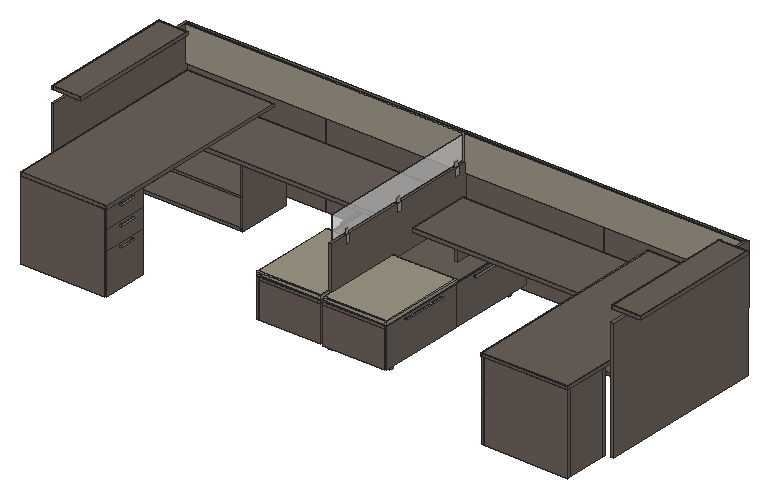
Revit family "STAKS005", category Furniture, Revit 2013 (continued)
Definition of nested family "FIRST OFFICE-STAKS-PEDESTALS-LOW HEIGHT NO I BEAM-16W TO 36W"
  Types (40): name | PARTIAL TOP | OPEN SHELF | OF SHELF | PULL 21 | PULL 22 | PULL 11 | PULL 1 | PULL 2 | PEDESTAL DEPTH | Model | FULL BASE | PARTIAL BASE | FULL TOP | FILE FRONT | Description | PEDESTAL WIDTH | DOOR RIGHT | DOOR LEFT | DIVIDER | BOX FRONT
    FIRST OFFICE-STAKS-LOW HEIGHT BF PED-NO I BEAM 24 X 19 | no | no | no | yes | yes | no | no | no | 1' - 7 3/8" | "6-NL2419MPD8" | no | yes | yes | yes | "24 X 19 BF LOW HEIGHT PEDESTAL" | 2' - 0" | no | no | no | yes
    FIRST OFFICE-STAKS-LOW HEIGHT BF PED-NO I BEAM 24 X 22 | no | no | no | yes | yes | no | no | no | 1' - 9 7/8" | "6-NL2422MPD8" | no | yes | yes | yes | "24 X 22 BF LOW HEIGHT PEDESTAL" | 2' - 0" | no | no | no | yes
    FIRST OFFICE-STAKS-LOW HEIGHT BF PED-NO I BEAM 30 X 19 | no | no | no | yes | yes | no | no | no | 1' - 7 3/8" | "6-NL3019MPD8" | no | yes | yes | yes | "30 X 19 BF LOW HEIGHT PEDESTAL" | 2' - 6" | no | no | no | yes
    FIRST OFFICE-STAKS-LOW HEIGHT BF PED-NO I BEAM 30 X 22 | no | no | no | yes | yes | no | no | no | 1' - 9 7/8" | "6-NL3022MPD8" | no | yes | yes | yes | "30 X 22 BF LOW HEIGHT PEDESTAL" | 2' - 6" | no | no | no | yes
    FIRST OFFICE-STAKS-LOW HEIGHT BF PED-NO I BEAM 36 X 19 | no | no | no | yes | yes | no | no | no | 1' - 7 3/8" | "6-NL3619MPD8" | no | yes | yes | yes | "36 X 19 BF LOW HEIGHT PEDESTAL" | 3' - 0" | no | no | no | yes
    FIRST OFFICE-STAKS-LOW HEIGHT BF PED-NO I BEAM 36 X 22 | no | no | no | yes | yes | no | no | no | 1' - 9 7/8" | "6-NL3622MPD8" | no | yes | yes | yes | "36 X 22 BF LOW HEIGHT PEDESTAL" | 3' - 0" | no | no | no | yes
    FIRST OFFICE-STAKS-LOW HEIGHT OF PED-NO I BEAM 24 X 19 | no | no | yes | no | yes | no | no | no | 1' - 7 3/8" | "6-NL2419MPD9" | no | yes | yes | yes | "24 X 19 OF LOW HEIGHT PEDESTAL" | 2' - 0" | no | no | no | no
    FIRST OFFICE-STAKS-LOW HEIGHT OF PED-NO I BEAM 24 X 22 | no | no | yes | no | yes | no | no | no | 1' - 9 7/8" | "6-NL2422MPD9" | no | yes | yes | yes | "24 X 22 OF LOW HEIGHT PEDESTAL" | 2' - 0" | no | no | no | no
    FIRST OFFICE-STAKS-LOW HEIGHT OF PED-NO I BEAM 30 X 19 | no | no | yes | no | yes | no | no | no | 1' - 7 3/8" | "6-NL3019MPD9" | no | yes | yes | yes | "30 X 19 OF LOW HEIGHT PEDESTAL" | 2' - 6" | no | no | no | no
    FIRST OFFICE-STAKS-LOW HEIGHT OF PED-NO I BEAM 30 X 22 | no | no | yes | no | yes | no | no | no | 1' - 9 7/8" | "6-NL3022MPD9" | no | yes | yes | yes | "30 X 22 OF LOW HEIGHT PEDESTAL" | 2' - 6" | no | no | no | no
    FIRST OFFICE-STAKS-LOW HEIGHT OF PED-NO I BEAM 36 X 19 | no | no | yes | no | yes | no | no | no | 1' - 7 3/8" | "6-NL3619MPD9" | no | yes | yes | yes | "36 X 19 OF LOW HEIGHT PEDESTAL" | 3' - 0" | no | no | no | no
    FIRST OFFICE-STAKS-LOW HEIGHT OF PED-NO I BEAM 36 X 22 | no | no | yes | no | yes | no | no | no | 1' - 9 7/8" | "6-NL3622MPD9" | no | yes | yes | yes | "36 X 22 OF LOW HEIGHT PEDESTAL" | 3' - 0" | no | no | no | no
    FIRST OFFICE-STAKS-LOW HEIGHT 2-DOOR PED-NO I BEAM 24 X 19 | no | no | no | no | no | yes | no | no | 1' - 7 3/8" | "6-NL2419MPD4" | no | no | no | no | "24 X 19 2 DOOR LOW HEIGHT PEDESTAL" | 2' - 0" | yes | yes | no | no
    FIRST OFFICE-STAKS-LOW HEIGHT 2-DOOR PED-NO I BEAM 24 X 22 | no | no | no | no | no | yes | no | no | 1' - 9 7/8" | "6-NL2422MPD4" | no | no | no | no | "24 X 22 2 DOOR LOW HEIGHT PEDESTAL" | 2' - 0" | yes | yes | no | no
    FIRST OFFICE-STAKS-LOW HEIGHT 2-DOOR PED-NO I BEAM 30 X 19 | no | no | no | no | no | yes | no | no | 1' - 7 3/8" | "6-NL3019MPD4" | no | no | no | no | "30 X 19 2 DOOR LOW HEIGHT PEDESTAL" | 2' - 6" | yes | yes | no | no
    FIRST OFFICE-STAKS-LOW HEIGHT 2-DOOR PED-NO I BEAM 30 X 22 | no | no | no | no | no | yes | no | no | 1' - 9 7/8" | "6-NL3022MPD4" | no | no | no | no | "30 X 22 2 DOOR LOW HEIGHT PEDESTAL" | 2' - 6" | yes | yes | no | no
    FIRST OFFICE-STAKS-LOW HEIGHT 2-DOOR PED-NO I BEAM 36 X 19 | no | no | no | no | no | yes | no | no | 1' - 7 3/8" | "6-NL3619MPD4" | no | no | no | no | "36 X 19 2 DOOR LOW HEIGHT PEDESTAL" | 3' - 0" | yes | yes | no | no
    FIRST OFFICE-STAKS-LOW HEIGHT 2-DOOR PED-NO I BEAM 36 X 22 | no | no | no | no | no | yes | no | no | 1' - 9 7/8" | "6-NL3622MPD4" | no | no | no | no | "36 X 22 2 DOOR LOW HEIGHT PEDESTAL" | 3' - 0" | yes | yes | no | no
    FIRST OFFICE-STAKS-LOW HEIGHT SLIDING DOOR PED-NO I BEAM 24 X 19 | no | no | no | no | no | no | no | no | 1' - 7 3/8" | "6-NL2419MPD5" | no | no | no | no | "24 X 19 SLIDING DOOR LOW HEIGHT PEDESTAL" | 2' - 0" | no | yes | yes | no
    FIRST OFFICE-STAKS-LOW HEIGHT SLIDING DOOR PED-NO I BEAM 24 X 22 | no | no | no | no | no | no | no | no | 1' - 9 7/8" | "6-NL2422MPD5" | no | no | no | no | "24 X 22 SLIDING DOOR LOW HEIGHT PEDESTAL" | 2' - 0" | no | yes | yes | no
    FIRST OFFICE-STAKS-LOW HEIGHT SLIDING DOOR PED-NO I BEAM 30 X 19 | no | no | no | no | no | no | no | no | 1' - 7 3/8" | "6-NL3019MPD5" | no | no | no | no | "30 X 19 SLIDING DOOR LOW HEIGHT PEDESTAL" | 2' - 6" | no | yes | yes | no
    FIRST OFFICE-STAKS-LOW HEIGHT SLIDING DOOR PED-NO I BEAM 30 X 22 | no | no | no | no | no | no | no | no | 1' - 9 7/8" | "6-NL3022MPD5" | no | no | no | no | "30 X 22 SLIDING DOOR LOW HEIGHT PEDESTAL" | 2' - 6" | no | yes | yes | no
    FIRST OFFICE-STAKS-LOW HEIGHT SLIDING DOOR PED-NO I BEAM 36 X 19 | no | no | no | no | no | no | no | no | 1' - 7 3/8" | "6-NL3619MPD5" | no | no | no | no | "36 X 19 SLIDING DOOR LOW HEIGHT PEDESTAL" | 3' - 0" | no | yes | yes | no
    FIRST OFFICE-STAKS-LOW HEIGHT SLIDING DOOR PED-NO I BEAM 36 X 22 | no | no | no | no | no | no | no | no | 1' - 9 7/8" | "6-NL3622MPD5" | no | no | no | no | "36 X 22 SLIDING DOOR LOW HEIGHT PEDESTAL" | 3' - 0" | no | yes | yes | no
    FIRST OFFICE-STAKS-LOW HEIGHT OPEN SHELF PED-NO I BEAM 24 X 19 | yes | yes | no | no | no | no | no | no | 1' - 7 3/8" | "6-NL2419MPD6" | yes | no | no | no | "24 X 19 OPEN SHELF LOW HEIGHT PEDESTAL" | 2' - 0" | no | no | no | no
    FIRST OFFICE-STAKS-LOW HEIGHT OPEN SHELF PED-NO I BEAM 24 X 21 | yes | yes | no | no | no | no | no | no | 1' - 9 7/8" | "6-NL2421MPD6" | yes | no | no | no | "24 X 21 OPEN SHELF LOW HEIGHT PEDESTAL" | 2' - 0" | no | no | no | no
    FIRST OFFICE-STAKS-LOW HEIGHT OPEN SHELF PED-NO I BEAM 30 X 19 | yes | yes | no | no | no | no | no | no | 1' - 7 3/8" | "6-NL3019MPD6" | yes | no | no | no | "30 X 19 OPEN SHELF LOW HEIGHT PEDESTAL" | 2' - 6" | no | no | no | no
    FIRST OFFICE-STAKS-LOW HEIGHT OPEN SHELF PED-NO I BEAM 30 X 21 | yes | yes | no | no | no | no | no | no | 1' - 9 7/8" | "6-NL3021MPD6" | yes | no | no | no | "30 X 21 OPEN SHELF LOW HEIGHT PEDESTAL" | 2' - 6" | no | no | no | no
    FIRST OFFICE-STAKS-LOW HEIGHT OPEN SHELF PED-NO I BEAM 36 X 19 | yes | yes | no | no | no | no | no | no | 1' - 7 3/8" | "6-NL3619MPD6" | yes | no | no | no | "36 X 19 OPEN SHELF LOW HEIGHT PEDESTAL" | 3' - 0" | no | no | no | no
    FIRST OFFICE-STAKS-LOW HEIGHT OPEN SHELF PED-NO I BEAM 36 X 21 | yes | yes | no | no | no | no | no | no | 1' - 9 7/8" | "6-NL3621MPD6" | yes | no | no | no | "36 X 21 OPEN SHELF LOW HEIGHT PEDESTAL" | 3' - 0" | no | no | no | no
    FIRST OFFICE-STAKS-LOW HEIGHT OPEN PED-NO I BEAM 24 X 19 | yes | no | no | no | no | no | no | no | 1' - 7 3/8" | "6-NL2419MPD7" | yes | no | no | no | "24 X 19 OPEN LOW HEIGHT PEDESTAL" | 2' - 0" | no | no | no | no
    FIRST OFFICE-STAKS-LOW HEIGHT OPEN PED-NO I BEAM 24 X 21 | yes | no | no | no | no | no | no | no | 1' - 9 7/8" | "6-NL2421MPD7" | yes | no | no | no | "24 X 21 OPEN LOW HEIGHT PEDESTAL" | 2' - 0" | no | no | no | no
    FIRST OFFICE-STAKS-LOW HEIGHT OPEN PED-NO I BEAM 30 X 19 | yes | no | no | no | no | no | no | no | 1' - 7 3/8" | "6-NL3019MPD7" | yes | no | no | no | "30 X 19 OPEN LOW HEIGHT PEDESTAL" | 2' - 6" | no | no | no | no
    FIRST OFFICE-STAKS-LOW HEIGHT OPEN PED-NO I BEAM 30 X 21 | yes | no | no | no | no | no | no | no | 1' - 9 7/8" | "6-NL3021MPD7" | yes | no | no | no | "30 X 21 OPEN LOW HEIGHT PEDESTAL" | 2' - 6" | no | no | no | no
    FIRST OFFICE-STAKS-LOW HEIGHT OPEN PED-NO I BEAM 36 X 19 | yes | no | no | no | no | no | no | no | 1' - 7 3/8" | "6-NL3619MPD7" | yes | no | no | no | "36 X 19 OPEN LOW HEIGHT PEDESTAL" | 3' - 0" | no | no | no | no
    FIRST OFFICE-STAKS-LOW HEIGHT OPEN PED-NO I BEAM 36 X 21 | yes | no | no | no | no | no | no | no | 1' - 9 7/8" | "6-NL3621MPD7" | yes | no | no | no | "36 X 21 OPEN LOW HEIGHT PEDESTAL" | 3' - 0" | no | no | no | no
  Reference planes (in)
    plane 1: z = 0
    plane 2 "Center Left/Right": x = -0.02289
    plane 3 "Left": x = -8.33539
    plane 4 "Right": x = 8.28961
    plane 5 "CABINET FRONT": y = 1.37535
    plane 6 "PEDESTAL TOP": z = 21.375
    plane 7 "DRAWER FRONT": y = 0.62535
    plane 8: x = -8.27289
    plane 9: x = 8.22661
    plane 10: z = 0.25
    plane 11: z = 21.25
    plane 12: z = 14.37495
    plane 13: z = 14.24995
    plane 14: z = 20.5
    plane 15: x = 7.53961
    plane 16: x = -7.58539
    plane 17 "BACK": y = 20.00035
    plane 18: y = 19.87535
    plane 19: x = -8.21039
    plane 20: x = 8.16461
    plane 21: x = -0.08539
    plane 22: x = 0.03961
    plane 23: x = -4.17914
    plane 24: x = 4.13311
    plane 25: x = -7.77289
    plane 26: x = 7.72711
    plane 27: z = 20.625
  Forms (in)
    Extrusion 1, solid, material "STAKS FILE 2", visible <- "FILE FRONT"
      sketch origin (-0.02289, 5, -13.1802) x (0, 1, 0) y (0, 0, 1)
        loop
          line (-4.37465, 27.43015) -> (-4.37465, 13.4302) -> (-3.62465, 13.4302) -> (-3.62465, 27.43015) -> (-4.37465, 27.43015)
      from -8.25 to 8.2495
    Extrusion 2, solid, material "STAKS PEDESTAL", visible <- "PARTIAL TOP"
      sketch origin (0, -1.24965, 0) x (1, 0, 0) y (0, 0, 1)
        loop
          line (-8.33539, 0) -> (-7.58539, 0) -> (-7.58539, 21.25) -> (-8.33539, 21.25) -> (-8.33539, 0)
      from -21.25 to -2.625
    Extrusion 3, solid, material "STAKS SPACER", visible <- "PARTIAL TOP"
      sketch origin (0, 2.62535, 0) x (1, 0, 0) y (0, 0, 1)
        loop
          line (-8.21039, 21.375) -> (-8.21039, 21.25) -> (-7.58539, 21.25) -> (-7.58539, 21.375) -> (-8.21039, 21.375)
      from -17.25 to 1.25
    Extrusion 4, solid, material "STAKS PEDESTAL", visible <- "PARTIAL TOP"
      sketch origin (9, -1.24965, 0) x (1, 0, 0) y (0, 0, 1)
        loop
          line (-1.46039, 0) -> (-0.71039, 0) -> (-0.71039, 21.25) -> (-1.46039, 21.25) -> (-1.46039, 0)
      from -21.25 to -2.625
    Extrusion 5, solid, material "STAKS SPACER", visible <- "PARTIAL TOP"
      sketch origin (8.25, 2.62535, 0) x (1, 0, 0) y (0, 0, 1)
        loop
          line (-0.71039, 21.375) -> (-0.71039, 21.25) -> (-0.08539, 21.25) -> (-0.08539, 21.375) -> (-0.71039, 21.375)
      from -17.25 to 1.25
    Extrusion 6, solid, material "STAKS PEDESTAL", visible <- "PARTIAL TOP"
      sketch origin (0, 8.37535, 0) x (1, 0, 0) y (0, 0, 1)
        loop
          line (-7.58539, 21.25) -> (-7.58539, 20.5) -> (7.53961, 20.5) -> (7.53961, 21.25) -> (-7.58539, 21.25)
      from 0 to 4
    Extrusion 7, solid, material "STAKS SPACER", visible <- "PARTIAL TOP"
      sketch origin (11.97711, 7.39824, 0) x (0, 1, 0) y (0, 0, 1)
        loop
          line (-3.02289, 21.375) -> (-3.02289, 21.25) -> (-2.39789, 21.25) -> (-2.39789, 21.375) -> (-3.02289, 21.375)
      from -19.5625 to -4.4375
    Extrusion 8, solid, material "STAKS PEDESTAL", visible <- "PARTIAL TOP"
      sketch origin (0, 16.12535, 0) x (1, 0, 0) y (0, 0, 1)
        loop
          line (-7.58539, 21.25) -> (-7.58539, 20.5) -> (7.53961, 20.5) -> (7.53961, 21.25) -> (-7.58539, 21.25)
      from -0.87505 to 3.12495
    Extrusion 9, solid, material "STAKS SPACER", visible <- "PARTIAL TOP"
      sketch origin (11.97711, 15.14824, 0) x (0, 1, 0) y (0, 0, 1)
        loop
          line (-2.14784, 21.375) -> (-2.14784, 21.25) -> (-1.52284, 21.25) -> (-1.52284, 21.375) -> (-2.14784, 21.375)
      from -19.5625 to -4.4375
    Extrusion 10, solid, material "STAKS PEDESTAL", visible <- "FILE FRONT"
      sketch origin (0, 8.37535, -25) x (1, 0, 0) y (0, 0, 1)
        loop
          line (-7.58539, 25.75) -> (-7.58539, 25) -> (7.53961, 25) -> (7.53961, 25.75) -> (-7.58539, 25.75)
      from 2.15625 to 6.15625
    Extrusion 11, solid, material "STAKS PEDESTAL", visible <- "FILE FRONT"
      sketch origin (0, 16.12535, -25) x (1, 0, 0) y (0, 0, 1)
        loop
          line (-7.58539, 25.75) -> (-7.58539, 25) -> (7.53961, 25) -> (7.53961, 25.75) -> (-7.58539, 25.75)
      from -3.125 to 0.875
    Extrusion 12, solid, material "STAKS BOX 2", visible <- "BOX FRONT"
      sketch origin (-0.02289, 2.25, -7.68015) x (0, 1, 0) y (0, 0, 1)
        loop
          line (-1.62465, 29.05515) -> (-1.62465, 22.0551) -> (-0.87465, 22.0551) -> (-0.87465, 29.05515) -> (-1.62465, 29.05515)
      from -8.25 to 8.2495
    Extrusion 13, solid, material "STAKS SHELF", visible <- "OF SHELF"
      sketch origin (0, 1.87535, -12.75) x (1, 0, 0) y (0, 0, 1)
        loop
          line (-7.58539, 27.3749) -> (-7.58539, 26.6249) -> (7.53961, 26.6249) -> (7.53961, 27.3749) -> (-7.58539, 27.3749)
      from -17.375 to 0.5
    Extrusion 14, solid, material "STAKS PEDESTAL", visible <- "PARTIAL TOP"
      sketch origin (19.35211, 29.02324, 0) x (0, 1, 0) y (0, 0, 1)
        loop
          line (-9.77289, 0) -> (-9.02289, 0) -> (-9.02289, 21.25) -> (-9.77289, 21.25) -> (-9.77289, 0)
      from -26.9375 to -11.8125
    Extrusion 15, solid, material "STAKS PULL", visible <- "PULL 11"
      sketch origin (0, 0, 16.125) x (1, 0, 0) y (0, 1, 0)
        loop
          line (-6.89789, 0.62535) -> (-6.89789, -0.37465) -> (-1.46039, -0.37465) -> (-1.46039, 0.62535) -> (-1.83539, 0.62535) -> (-1.83539, -0.18715) -> (-6.52289, -0.18715) -> (-6.52289, 0.62535) -> (-6.89789, 0.62535)
      from 4.53125 to 5
    Extrusion 16, solid, material "STAKS PULL", visible <- "PULL 11"
      sketch origin (14.99975, 0, 16.125) x (1, 0, 0) y (0, 1, 0)
        loop
          line (-13.58539, 0.62535) -> (-13.58539, -0.37465) -> (-8.14789, -0.37465) -> (-8.14789, 0.62535) -> (-8.52289, 0.62535) -> (-8.52289, -0.18715) -> (-13.21039, -0.18715) -> (-13.21039, 0.62535) -> (-13.58539, 0.62535)
      from 4.53125 to 5
    Extrusion 17, solid, material "STAKS PEDESTAL", visible <- "DOOR LEFT"
      sketch origin (0, 10.87535, -25) x (1, 0, 0) y (0, 0, 1)
        loop
          line (-7.58539, 26) -> (-7.58539, 25) -> (7.53961, 25) -> (7.53961, 26) -> (-7.58539, 26)
      from -8.375 to 9.5
    Extrusion 18, solid, material "STAKS DOOR", visible <- "DOOR LEFT"
      sketch origin (-0.02289, -46.75, -6.43015) x (0, 1, 0) y (0, 0, 1)
        loop
          line (47.37535, 27.80515) -> (47.37535, 6.68015) -> (48.12535, 6.68015) -> (48.12535, 27.80515) -> (47.37535, 27.80515)
      from -8.25 to -0.0625
    Extrusion 19, solid, material "STAKS DOOR", visible <- "DOOR RIGHT"
      sketch origin (12.64895, -45.25, -0.18015) x (0, 1, 0) y (0, 0, 1)
        loop
          line (45.87535, 21.55515) -> (45.87535, 0.43015) -> (46.62535, 0.43015) -> (46.62535, 21.55515) -> (45.87535, 21.55515)
      from -12.60934 to -4.42234
    Extrusion 20, void
      sketch origin (-0.02289, 0, 0) x (0, 1, 0) y (0, 0, 1)
        loop
          line (1.75035, 1) -> (1.75035, 0.625) -> (2.06285, 0.625) -> (2.06285, 1) -> (1.75035, 1)
      from -7.5625 to 7.5625
    Extrusion 21, void
      sketch origin (-0.02289, 0, 25.875) x (0, 1, 0) y (0, 0, 1)
        loop
          line (1.75035, -5) -> (1.75035, -5.375) -> (2.06285, -5.375) -> (2.06285, -5) -> (1.75035, -5)
      from -7.5625 to 7.5625
    Extrusion 22, solid, material "STAKS PEDESTAL", visible <- "DOOR LEFT"
      sketch origin (6.01041, 13.62535, -0.98959) x (1, 0, 0) y (0, 0, 1)
        loop
          line (-13.5958, 22.23959) -> (-13.5958, 21.48959) -> (1.5292, 21.48959) -> (1.5292, 22.23959) -> (-13.5958, 22.23959)
      from -5.625 to 12.25
    Extrusion 23, solid, material "STAKS PEDESTAL", visible <- "DIVIDER"
      sketch origin (-2.625, -1.24965, 0) x (1, 0, 0) y (0, 0, 1)
        loop
          line (2.22711, 1) -> (2.97711, 1) -> (2.97711, 20.5) -> (2.22711, 20.5) -> (2.22711, 1)
      from -20.5 to -3.4375
    Extrusion 24, solid, material "STAKS SHELF", visible <- "OPEN SHELF"
      sketch origin (-12.75, 1.87535, -16.3124) x (1, 0, 0) y (0, 0, 1)
        loop
          line (5.16461, 27.3749) -> (5.16461, 26.6249) -> (20.28961, 26.6249) -> (20.28961, 27.3749) -> (5.16461, 27.3749)
      from -17.375 to 0.375
    Extrusion 25, solid, material "STAKS PEDESTAL", visible <- "FULL BASE"
      sketch origin (0, 10.87535, -23.25) x (1, 0, 0) y (0, 0, 1)
        loop
          line (-7.58539, 24.25) -> (-7.58539, 23.25) -> (7.53961, 23.25) -> (7.53961, 24.25) -> (-7.58539, 24.25)
      from -8.375 to 9.5
    Extrusion 26, solid, material "STAKS PULL", visible <- "PULL 1"
      sketch origin (9, 0, 16.125) x (1, 0, 0) y (0, 1, 0)
        loop
          line (-11.74164, 0.62535) -> (-11.74164, -0.37465) -> (-6.30414, -0.37465) -> (-6.30414, 0.62535) -> (-6.67914, 0.62535) -> (-6.67914, -0.18715) -> (-11.36664, -0.18715) -> (-11.36664, 0.62535) -> (-11.74164, 0.62535)
      from 4.53125 to 5
    Extrusion 27, solid, material "STAKS PEDESTAL", visible <- "FULL TOP"
      sketch origin (-3, -1.24965, 0) x (1, 0, 0) y (0, 0, 1)
        loop
          line (-5.33539, 0) -> (-4.58539, 0) -> (-4.58539, 21.375) -> (-5.33539, 21.375) -> (-5.33539, 0)
      from -21.25 to -2.625
    Extrusion 28, solid, material "STAKS PEDESTAL", visible <- "FULL TOP"
      sketch origin (10.75, -1.24965, 0) x (1, 0, 0) y (0, 0, 1)
        loop
          line (-3.21039, 0) -> (-2.46039, 0) -> (-2.46039, 21.375) -> (-3.21039, 21.375) -> (-3.21039, 0)
      from -21.25 to -2.625
    Extrusion 29, solid, material "STAKS PEDESTAL", visible <- "FULL TOP"
      sketch origin (19.35211, 31.02324, 0) x (0, 1, 0) y (0, 0, 1)
        loop
          line (-11.77289, 0) -> (-11.02289, 0) -> (-11.02289, 21.375) -> (-11.77289, 21.375) -> (-11.77289, 0)
      from -26.9375 to -11.8125
    Extrusion 30, solid, material "STAKS PEDESTAL", visible <- "FULL TOP"
      sketch origin (6.01041, 13.62535, -2.73959) x (1, 0, 0) y (0, 0, 1)
        loop
          line (-13.5958, 24.11459) -> (-13.5958, 23.36459) -> (1.5292, 23.36459) -> (1.5292, 24.11459) -> (-13.5958, 24.11459)
      from -5.625 to 12.25
    Extrusion 31, solid, material "STAKS PEDESTAL", visible <- "DOOR LEFT"
      sketch origin (-4.41171, -1.24965, 0) x (1, 0, 0) y (0, 0, 1)
        loop
          line (-3.92368, 0) -> (-3.17368, 0) -> (-3.17368, 21.375) -> (-3.92368, 21.375) -> (-3.92368, 0)
      from -21.25 to -2.625
    Extrusion 32, solid, material "STAKS PEDESTAL", visible <- "DOOR LEFT"
      sketch origin (14.83712, -1.24965, 0) x (1, 0, 0) y (0, 0, 1)
        loop
          line (-7.2975, 0) -> (-6.5475, 0) -> (-6.5475, 21.375) -> (-7.2975, 21.375) -> (-7.2975, 0)
      from -21.25 to -2.625
    Extrusion 33, solid, material "STAKS PEDESTAL", visible <- "DOOR LEFT"
      sketch origin (19.35211, 32.05869, 0) x (0, 1, 0) y (0, 0, 1)
        loop
          line (-12.80835, 0) -> (-12.05835, 0) -> (-12.05835, 21.375) -> (-12.80835, 21.375) -> (-12.80835, 0)
      from -26.9375 to -11.8125
    Extrusion 34, solid, material "STAKS PULL", visible <- "PULL 2"
      sketch origin (9, 0, 8.99995) x (1, 0, 0) y (0, 1, 0)
        loop
          line (-11.74164, 0.62535) -> (-11.74164, -0.37465) -> (-6.30414, -0.37465) -> (-6.30414, 0.62535) -> (-6.67914, 0.62535) -> (-6.67914, -0.18715) -> (-11.36664, -0.18715) -> (-11.36664, 0.62535) -> (-11.74164, 0.62535)
      from 4.53125 to 5
    Extrusion 35, solid, material "STAKS PULL", visible <- "PULL 22"
      sketch origin (9, 0, 8.99995) x (1, 0, 0) y (0, 1, 0)
        loop
          line (-16.77289, 0.62535) -> (-16.77289, -0.37465) -> (-1.27289, -0.37465) -> (-1.27289, 0.62535) -> (-1.64789, 0.62535) -> (-1.64789, -0.18715) -> (-16.39789, -0.18715) -> (-16.39789, 0.62535) -> (-16.77289, 0.62535)
      from 4.53125 to 5
    Extrusion 36, solid, material "STAKS PULL", visible <- "PULL 21"
      sketch origin (9, 0, 16.125) x (1, 0, 0) y (0, 1, 0)
        loop
          line (-16.77289, 0.62535) -> (-16.77289, -0.37465) -> (-1.27289, -0.37465) -> (-1.27289, 0.62535) -> (-1.64789, 0.62535) -> (-1.64789, -0.18715) -> (-16.39789, -0.18715) -> (-16.39789, 0.62535) -> (-16.77289, 0.62535)
      from 4.53125 to 5
  Cuts and joins
    Extrusion 20, Extrusion 21 cuts Extrusion 17
    Extrusion 21 cuts Extrusion 22
  Lines and regions (in)
    Masking region 1, visible <- "FILE FRONT"
      outline origin (0, 0, 0) x (1, 0, 0) y (0, 1, 0)
        loop
          line (-8.27289, 1.37535) -> (-8.27289, 0.62535) -> (8.22661, 0.62535) -> (8.22661, 1.37535) -> (-8.27289, 1.37535)
    Masking region 2
      outline origin (0, 0, 0) x (1, 0, 0) y (0, 1, 0)
        loop
          line (-8.33539, 1.37535) -> (8.28961, 1.37535) -> (8.28961, 20.00035) -> (-8.33539, 20.00035) -> (-8.33539, 1.37535)
    Masking region 3, visible <- "PULL 11"
      outline origin (-6, 0, 0) x (1, 0, 0) y (0, 1, 0)
        loop
          line (-0.89789, 0.62535) -> (-0.89789, -0.37465) -> (4.53961, -0.37465) -> (4.53961, 0.62535) -> (4.16461, 0.62535) -> (4.16461, -0.18715) -> (-0.52289, -0.18715) -> (-0.52289, 0.62535) -> (-0.89789, 0.62535)
    Masking region 4, visible <- "PULL 11"
      outline origin (8.99975, 0, 0) x (1, 0, 0) y (0, 1, 0)
        loop
          line (-7.58539, 0.62535) -> (-7.58539, -0.37465) -> (-2.14789, -0.37465) -> (-2.14789, 0.62535) -> (-2.52289, 0.62535) -> (-2.52289, -0.18715) -> (-7.21039, -0.18715) -> (-7.21039, 0.62535) -> (-7.58539, 0.62535)
    Masking region 5, visible <- "DOOR LEFT"
      outline origin (0, 0, 0) x (1, 0, 0) y (0, 1, 0)
        loop
          line (-8.27289, 1.37535) -> (-8.27289, 0.62535) -> (-0.08539, 0.62535) -> (-0.08539, 1.37535) -> (-8.27289, 1.37535)
    Masking region 6, visible <- "DOOR RIGHT"
      outline origin (0, 0, 0) x (1, 0, 0) y (0, 1, 0)
        loop
          line (0.03961, 1.37535) -> (0.03961, 0.62535) -> (8.22661, 0.62535) -> (8.22661, 1.37535) -> (0.03961, 1.37535)
    Masking region 7, visible <- "PULL 22"
      outline origin (0, 0, 0) x (1, 0, 0) y (0, 1, 0)
        loop
          line (-7.77289, 0.62535) -> (-7.77289, -0.37465) -> (7.72711, -0.37465) -> (7.72711, 0.62535) -> (7.35211, 0.62535) -> (7.35211, -0.18715) -> (-7.39789, -0.18715) -> (-7.39789, 0.62535) -> (-7.77289, 0.62535)
    Masking region 8, visible <- "PULL 2"
      outline origin (0, 0, 0) x (1, 0, 0) y (0, 1, 0)
        loop
          line (-2.74164, 0.62535) -> (-2.74164, -0.37465) -> (2.69586, -0.37465) -> (2.69586, 0.62535) -> (2.32086, 0.62535) -> (2.32086, -0.18715) -> (-2.36664, -0.18715) -> (-2.36664, 0.62535) -> (-2.74164, 0.62535)
  Dimensions and locks (in)
    locked: plane 7 "DRAWER FRONT" to plane 5 "CABINET FRONT" at 0.75
    "PEDESTAL WIDTH": plane 3 "Left" to plane 4 "Right"
    equal spacing: plane 3 "Left", plane 2 "Center Left/Right", plane 4 "Right"
    locked: plane 3 "Left" to plane 8 at 0.0625
    locked: plane 9 to plane 4 "Right" at 0.063
    locked: plane 10 to plane 1 at 0.25
    locked: plane 6 "PEDESTAL TOP" to plane 11 at 0.125
    locked: plane 12 to plane 13 at 0.125
    "PEDESTAL DEPTH": plane 17 "BACK" to plane 7 "DRAWER FRONT"
    locked: plane 11 to plane 14 at 0.75
    locked: plane 3 "Left" to plane 16 at 0.75
    locked: plane 15 to plane 4 "Right" at 0.75
    locked: plane 18 to plane 17 "BACK" at 0.125
    locked: plane 3 "Left" to plane 19 at 0.125
    locked: plane 20 to plane 4 "Right" at 0.125
    locked: plane 5 "CABINET FRONT" to Extrusion 6 at 3
    locked: Extrusion 6 to Extrusion 6 at 4
    locked: Extrusion 8 to Extrusion 8 at 4
    locked: Extrusion 8 to plane 18 at 2.87495
    locked: Extrusion 10 to Extrusion 10 at 4
    locked: Extrusion 11 to Extrusion 11 at 4
    locked: Extrusion 11 to Extrusion 11 at 0.75
    locked: Extrusion 11 to plane 18 at 0.625
    locked: plane 21 to plane 2 "Center Left/Right" at 0.0625
    locked: plane 2 "Center Left/Right" to plane 22 at 0.0625
    equal spacing: plane 8, plane 23, plane 21
    equal spacing: plane 22, plane 24, plane 9
    Masking region 3 to plane 23 to Masking region 3 = 0' - 2 23/32" locked, 0' - 2 23/32" locked
    Extrusion 16 to plane 24 to Extrusion 16 = 0' - 2 23/32" locked, 0' - 2 23/32" locked
    plane 25 to plane 2 "Center Left/Right" to plane 26 = 0' - 7 3/4" locked, 0' - 7 3/4" locked
    locked: cut or joined group of Extrusion 21, Extrusion 22 to Extrusion 23 at 0.125
    equal spacing: Extrusion 23, plane 2 "Center Left/Right", Extrusion 23, locked at 0.375 each
    locked: Extrusion 24 to Extrusion 2 at 0.125
    locked: cut or joined group of Extrusion 17, Extrusion 20, Extrusion 21 to plane 1 at 1
    locked: plane 6 "PEDESTAL TOP" to plane 27 at 0.75
    Extrusion 26 to plane 2 "Center Left/Right" to Extrusion 26 = 0' - 2 23/32" locked, 0' - 2 23/32" locked
    Extrusion 34 to Extrusion 34 = 0' - 5 7/16"
    aligned and locked: level to plane 1
    aligned and locked: Extrusion 1 sketch curve to plane 10
    aligned and locked: plane 13 to Extrusion 1 sketch curve
    aligned and locked: Extrusion 2 to plane 17 "BACK"
    aligned and locked: plane 5 "CABINET FRONT" to Extrusion 2
    aligned and locked: Extrusion 1 to plane 10
    aligned and locked: Extrusion 2 to plane 1
    aligned and locked: Extrusion 1 to plane 8
    aligned and locked: plane 16 to Extrusion 2
    aligned and locked: plane 9 to Extrusion 1
    aligned and locked: plane 13 to Extrusion 1
    aligned and locked: Extrusion 3 to plane 18
    aligned and locked: plane 16 to Extrusion 3
    aligned and locked: plane 5 "CABINET FRONT" to Extrusion 3
    aligned and locked: Extrusion 3 to plane 19
    aligned and locked: plane 4 "Right" to Extrusion 4
    aligned and locked: Extrusion 4 to plane 15
    aligned and locked: plane 20 to Extrusion 5
    aligned and locked: Extrusion 5 to plane 15
    aligned and locked: Extrusion 6 sketch curve to plane 16
    aligned and locked: Extrusion 6 sketch curve to plane 14
    aligned and locked: plane 15 to Extrusion 6 sketch curve
    aligned and locked: plane 11 to Extrusion 6 sketch curve
    aligned and locked: Extrusion 7 to plane 16
    aligned and locked: plane 15 to Extrusion 7
    aligned and locked: Extrusion 6 to Extrusion 7
    aligned and locked: Extrusion 4 to plane 17 "BACK"
    aligned and locked: Extrusion 5 to plane 18
    aligned and locked: Extrusion 8 to Extrusion 9
    aligned and locked: Extrusion 10 to Extrusion 11
    aligned and locked: Extrusion 11 to Extrusion 10
    aligned and locked: Extrusion 11 to plane 1
    aligned and locked: Extrusion 12 to plane 12
    aligned and locked: Extrusion 9 to plane 16
    aligned and locked: plane 15 to Extrusion 9
    aligned and locked: Extrusion 12 to plane 5 "CABINET FRONT"
    aligned and locked: plane 7 "DRAWER FRONT" to Extrusion 12
    aligned and locked: plane 9 to Extrusion 12
    aligned and locked: Extrusion 12 to plane 8
    aligned and locked: plane 5 "CABINET FRONT" to Extrusion 13
    aligned and locked: Extrusion 13 to Extrusion 11
    aligned and locked: Extrusion 14 to plane 16
    aligned and locked: plane 15 to Extrusion 14
    aligned and locked: Extrusion 14 to Extrusion 13
    aligned and locked: Extrusion 14 to plane 17 "BACK"
    aligned and locked: Masking region 3 to Extrusion 15  (x2)
    aligned and locked: Masking region 4 to Extrusion 16  (x2)
    aligned and locked: Extrusion 17 to Extrusion 14
    aligned and locked: plane 5 "CABINET FRONT" to Extrusion 17
    aligned and locked: Extrusion 18 to plane 8
    aligned and locked: plane 9 to Extrusion 19
    aligned and locked: Extrusion 19 to plane 22
    aligned and locked: plane 21 to Extrusion 18
    aligned and locked: Extrusion 18 to plane 10
    aligned and locked: Extrusion 19 to plane 10
    aligned: plane 11 to Extrusion 19
    aligned: plane 11 to Extrusion 18
    aligned and locked: Extrusion 18 to plane 5 "CABINET FRONT"
    aligned and locked: Extrusion 19 to plane 5 "CABINET FRONT"
    aligned and locked: plane 7 "DRAWER FRONT" to Extrusion 18
    aligned and locked: plane 7 "DRAWER FRONT" to Extrusion 19
    aligned and locked: Extrusion 21 to plane 16
    aligned and locked: plane 15 to Extrusion 21
    aligned and locked: plane 15 to cut or joined group of Extrusion 17, Extrusion 20, Extrusion 21
    aligned and locked: cut or joined group of Extrusion 17, Extrusion 20, Extrusion 21 to plane 16
    aligned and locked: plane 11 to Extrusion 22
    aligned and locked: Extrusion 22 to plane 14
    aligned and locked: Extrusion 22 to Extrusion 14
    aligned and locked: plane 5 "CABINET FRONT" to Extrusion 22
    aligned and locked: cut or joined group of Extrusion 21, Extrusion 22 to plane 16
    aligned and locked: plane 15 to cut or joined group of Extrusion 21, Extrusion 22
    aligned and locked: plane 14 to Extrusion 23
    aligned and locked: Extrusion 23 to cut or joined group of Extrusion 17, Extrusion 20, Extrusion 21
    aligned and locked: cut or joined group of Extrusion 21, Extrusion 22 to Extrusion 23
    aligned and locked: Extrusion 24 to plane 16
    aligned and locked: plane 15 to Extrusion 24
    aligned and locked: Extrusion 24 to Extrusion 14
    aligned and locked: cut or joined group of Extrusion 17, Extrusion 20, Extrusion 21 to plane 1
    aligned and locked: Extrusion 25 to Extrusion 14
    aligned and locked: Extrusion 1 to plane 5 "CABINET FRONT"
    aligned and locked: Extrusion 25 to plane 1
    aligned and locked: Extrusion 25 to cut or joined group of Extrusion 17, Extrusion 20, Extrusion 21
    aligned and locked: Extrusion 30 to Extrusion 14
    aligned and locked: plane 5 "CABINET FRONT" to Extrusion 30
    aligned and locked: Extrusion 30 to plane 16
    aligned and locked: plane 15 to Extrusion 30
    aligned and locked: plane 6 "PEDESTAL TOP" to Extrusion 30
    aligned and locked: Extrusion 30 to plane 27
    aligned and locked: Extrusion 28 to plane 1
    aligned and locked: plane 6 "PEDESTAL TOP" to Extrusion 28
    aligned and locked: plane 6 "PEDESTAL TOP" to Extrusion 27
    aligned and locked: Extrusion 27 to plane 1
    aligned and locked: Extrusion 29 to plane 1
    aligned and locked: plane 6 "PEDESTAL TOP" to Extrusion 29
    aligned and locked: Extrusion 28 to plane 17 "BACK"
    aligned and locked: plane 5 "CABINET FRONT" to Extrusion 28
    aligned and locked: plane 5 "CABINET FRONT" to Extrusion 27
    aligned and locked: Extrusion 27 to plane 17 "BACK"
    aligned and locked: Extrusion 29 to plane 16
    aligned and locked: plane 15 to Extrusion 29
    aligned and locked: Extrusion 28 to plane 15
    aligned and locked: plane 4 "Right" to Extrusion 28
    aligned and locked: plane 16 to Extrusion 27
    aligned and locked: Extrusion 27 to plane 3 "Left"
    aligned and locked: Extrusion 29 to Extrusion 30
    aligned and locked: Extrusion 29 to plane 17 "BACK"
    aligned and locked: plane 6 "PEDESTAL TOP" to Extrusion 18
    aligned and locked: plane 6 "PEDESTAL TOP" to Extrusion 19
    aligned and locked: plane 6 "PEDESTAL TOP" to Extrusion 12
    aligned and locked: plane 6 "PEDESTAL TOP" to Extrusion 31
    aligned and locked: Extrusion 31 to plane 1
    aligned and locked: Extrusion 32 to plane 1
    aligned and locked: plane 6 "PEDESTAL TOP" to Extrusion 32
    aligned and locked: plane 6 "PEDESTAL TOP" to Extrusion 33
    aligned and locked: Extrusion 33 to plane 1
    aligned and locked: plane 5 "CABINET FRONT" to Extrusion 31
    aligned and locked: plane 5 "CABINET FRONT" to Extrusion 32
    aligned and locked: Extrusion 32 to plane 17 "BACK"
    aligned and locked: plane 15 to Extrusion 33
    aligned and locked: Extrusion 33 to plane 16
    aligned and locked: Extrusion 31 to plane 17 "BACK"
    aligned and locked: plane 16 to Extrusion 31
    aligned and locked: Extrusion 33 to Extrusion 30
    aligned and locked: Extrusion 33 to plane 17 "BACK"
    aligned and locked: Extrusion 32 to plane 15
    aligned and locked: plane 4 "Right" to Extrusion 32
    aligned and locked: Extrusion 26 to Extrusion 34
    aligned and locked: Extrusion 34 to Extrusion 26
    aligned and locked: Extrusion 35 to plane 25
    aligned and locked: plane 26 to Extrusion 35
  Automatic sketch dimensions
    Extrusion 1 sketch curve to plane 7 "DRAWER FRONT" = 0' - 0"
    Extrusion 1 sketch curve to plane 5 "CABINET FRONT" = 0' - 0"
    Extrusion 2 sketch curve to level = 0' - 0"
    Extrusion 2 sketch curve to plane 3 "Left" = 0' - 0"
    Extrusion 2 sketch curve to plane 11 = 0' - 0"
    Extrusion 2 sketch curve to plane 16 = 0' - 0"
    Extrusion 3 sketch curve to plane 11 = 0' - 0"
    Extrusion 3 sketch curve to plane 19 = 0' - 0"
    Extrusion 3 sketch curve to plane 6 "PEDESTAL TOP" = 0' - 0"
    Extrusion 3 sketch curve to plane 16 = 0' - 0"
    Extrusion 4 sketch curve to level = 0' - 0"
    Extrusion 4 sketch curve to plane 15 = 0' - 0"
    Extrusion 4 sketch curve to plane 4 "Right" = 0' - 0"
    Extrusion 4 sketch curve to plane 11 = 0' - 0"
    Extrusion 5 sketch curve to plane 11 = 0' - 0"
    Extrusion 5 sketch curve to plane 15 = 0' - 0"
    Extrusion 5 sketch curve to plane 6 "PEDESTAL TOP" = 0' - 0"
    Extrusion 5 sketch curve to plane 20 = 0' - 0"
    Extrusion 7 sketch curve to plane 11 = 0' - 0"
    Extrusion 7 sketch curve to plane 6 "PEDESTAL TOP" = 0' - 0"
    Extrusion 7 sketch curve to plane 5 "CABINET FRONT" = 0' - 3"
    Extrusion 7 sketch curve to Extrusion 7 sketch curve = 0' - 0 5/8"
    Extrusion 8 sketch curve to plane 14 = 0' - 0"
    Extrusion 8 sketch curve to plane 16 = 0' - 0"
    Extrusion 8 sketch curve to plane 11 = 0' - 0"
    Extrusion 8 sketch curve to plane 15 = 0' - 0"
    Extrusion 9 sketch curve to plane 11 = 0' - 0"
    Extrusion 9 sketch curve to plane 6 "PEDESTAL TOP" = 0' - 0"
    plane 18 to Extrusion 9 sketch curve = 0' - 6.87495"
    Extrusion 9 sketch curve to Extrusion 9 sketch curve = 0' - 0 5/8"
    Extrusion 10 sketch curve to level = 0' - 0"
    Extrusion 10 sketch curve to plane 16 = 0' - 0"
    Extrusion 10 sketch curve to plane 15 = 0' - 0"
    plane 10 to Extrusion 10 sketch curve = 0' - 0 1/2"
    Extrusion 11 sketch curve to level = 0' - 0"
    Extrusion 11 sketch curve to plane 16 = 0' - 0"
    Extrusion 11 sketch curve to plane 15 = 0' - 0"
    plane 10 to Extrusion 11 sketch curve = 0' - 0 1/2"
    Extrusion 12 sketch curve to plane 6 "PEDESTAL TOP" = 0' - 0"
    Extrusion 12 sketch curve to plane 7 "DRAWER FRONT" = 0' - 0"
    Extrusion 12 sketch curve to plane 5 "CABINET FRONT" = 0' - 0"
    Extrusion 12 sketch curve to plane 12 = 0' - 0"
    Extrusion 13 sketch curve to plane 16 = 0' - 0"
    Extrusion 13 sketch curve to plane 15 = 0' - 0"
    Extrusion 13 sketch curve to plane 13 = 0' - 0.37505"
    plane 12 to Extrusion 13 sketch curve = 0' - 0.24995"
    Extrusion 14 sketch curve to level = 0' - 0"
    Extrusion 14 sketch curve to plane 11 = 0' - 0"
    Extrusion 14 sketch curve to plane 17 "BACK" = 0' - 0"
    plane 18 to Extrusion 14 sketch curve = 0' - 0 5/8"
    plane 7 "DRAWER FRONT" to Masking region 1 sketch curve = 0' - 0"
    Masking region 1 sketch curve to plane 8 = 0' - 0"
    plane 5 "CABINET FRONT" to Masking region 1 sketch curve = 0' - 0"
    Masking region 1 sketch curve to plane 9 = 0' - 0"
    Masking region 2 sketch curve to plane 3 "Left" = 0' - 0"
    Masking region 2 sketch curve to plane 4 "Right" = 0' - 0"
    plane 5 "CABINET FRONT" to Masking region 2 sketch curve = 0' - 0"
    plane 17 "BACK" to Masking region 2 sketch curve = 0' - 0"
    plane 7 "DRAWER FRONT" to Masking region 3 sketch curve = 0' - 0"  (x2)
    plane 25 to Masking region 3 sketch curve = 0' - 0 7/8"
    Masking region 3 sketch curve to Masking region 3 sketch curve = 0' - 0 3/8"  (x2)
    plane 7 "DRAWER FRONT" to Masking region 3 sketch curve = 0' - 0 13/16"
    plane 23 to Masking region 3 sketch curve = 0' - 2 11/32"
    Masking region 3 sketch curve to Masking region 3 sketch curve = 0' - 0 3/16"
    plane 7 "DRAWER FRONT" to Extrusion 15 sketch curve = 0' - 0"  (x2)
    plane 25 to Extrusion 15 sketch curve = 0' - 0 7/8"
    Extrusion 15 sketch curve to Extrusion 15 sketch curve = 0' - 0 3/8"  (x2)
    plane 7 "DRAWER FRONT" to Extrusion 15 sketch curve = 0' - 0 13/16"
    plane 23 to Extrusion 15 sketch curve = 0' - 2 11/32"
    Extrusion 15 sketch curve to Extrusion 15 sketch curve = 0' - 0 3/16"
    plane 7 "DRAWER FRONT" to Masking region 4 sketch curve = 0' - 0"  (x2)
    Masking region 4 sketch curve to plane 24 = 0' - 2 23/32"
    Masking region 4 sketch curve to Masking region 4 sketch curve = 0' - 0 3/8"  (x2)
    Masking region 4 sketch curve to plane 26 = 0' - 1.25025"
    Masking region 4 sketch curve to Masking region 4 sketch curve = 0' - 0 13/16"
    Masking region 4 sketch curve to Masking region 4 sketch curve = 0' - 0 3/16"
    plane 7 "DRAWER FRONT" to Extrusion 16 sketch curve = 0' - 0"  (x2)
    Extrusion 16 sketch curve to plane 24 = 0' - 2 23/32"
    Extrusion 16 sketch curve to Extrusion 16 sketch curve = 0' - 0 3/8"  (x2)
    Extrusion 16 sketch curve to plane 26 = 0' - 1.25025"
    Extrusion 16 sketch curve to Extrusion 16 sketch curve = 0' - 0 13/16"
    Extrusion 16 sketch curve to Extrusion 16 sketch curve = 0' - 0 3/16"
    Extrusion 17 sketch curve to level = 0' - 0"
    Extrusion 17 sketch curve to plane 16 = 0' - 0"
    Extrusion 17 sketch curve to plane 15 = 0' - 0"
    plane 10 to Extrusion 17 sketch curve = 0' - 0 3/4"
    Extrusion 18 sketch curve to plane 6 "PEDESTAL TOP" = 0' - 0"
    Extrusion 18 sketch curve to plane 7 "DRAWER FRONT" = 0' - 0"
    Extrusion 18 sketch curve to plane 5 "CABINET FRONT" = 0' - 0"
    Extrusion 18 sketch curve to plane 10 = 0' - 0"
    Extrusion 19 sketch curve to plane 6 "PEDESTAL TOP" = 0' - 0"
    Extrusion 19 sketch curve to plane 7 "DRAWER FRONT" = 0' - 0"
    Extrusion 19 sketch curve to plane 5 "CABINET FRONT" = 0' - 0"
    Extrusion 19 sketch curve to plane 10 = 0' - 0"
    plane 7 "DRAWER FRONT" to Masking region 5 sketch curve = 0' - 0"
    Masking region 5 sketch curve to plane 8 = 0' - 0"
    plane 5 "CABINET FRONT" to Masking region 5 sketch curve = 0' - 0"
    Masking region 5 sketch curve to plane 21 = 0' - 0"
    Extrusion 20 sketch curve to plane 5 "CABINET FRONT" = 0' - 0 3/8"
    Extrusion 20 sketch curve to Extrusion 20 sketch curve = 0' - 0 5/16"
    plane 10 to Extrusion 20 sketch curve = 0' - 0 3/8"
    Extrusion 20 sketch curve to Extrusion 20 sketch curve = 0' - 0 3/8"
    Extrusion 21 sketch curve to plane 14 = 0' - 0"
    Extrusion 21 sketch curve to plane 5 "CABINET FRONT" = 0' - 0 3/8"
    Extrusion 21 sketch curve to Extrusion 21 sketch curve = 0' - 0 5/16"
    plane 27 to Extrusion 21 sketch curve = 0' - 0 1/4"
    Extrusion 22 sketch curve to plane 14 = 0' - 0"
    Extrusion 22 sketch curve to plane 16 = 0' - 0"
    Extrusion 22 sketch curve to plane 11 = 0' - 0"
    Extrusion 22 sketch curve to plane 15 = 0' - 0"
    Extrusion 23 sketch curve to plane 14 = 0' - 0"
    Extrusion 23 sketch curve to plane 21 = 0' - 0 5/16"
    plane 22 to Extrusion 23 sketch curve = 0' - 0 5/16"
    plane 10 to Extrusion 23 sketch curve = 0' - 0 3/4"
    Extrusion 24 sketch curve to plane 16 = 0' - 0"
    Extrusion 24 sketch curve to plane 15 = 0' - 0"
    Extrusion 24 sketch curve to plane 13 = 0' - 3.93745"
    Extrusion 24 sketch curve to Extrusion 24 sketch curve = 0' - 0 3/4"
    Extrusion 25 sketch curve to level = 0' - 0"
    Extrusion 25 sketch curve to plane 16 = 0' - 0"
    Extrusion 25 sketch curve to plane 15 = 0' - 0"
    plane 10 to Extrusion 25 sketch curve = 0' - 0 3/4"
    plane 7 "DRAWER FRONT" to Masking region 6 sketch curve = 0' - 0"
    Masking region 6 sketch curve to plane 22 = 0' - 0"
    plane 5 "CABINET FRONT" to Masking region 6 sketch curve = 0' - 0"
    Masking region 6 sketch curve to plane 9 = 0' - 0"
    plane 7 "DRAWER FRONT" to Extrusion 26 sketch curve = 0' - 0"  (x2)
    Extrusion 26 sketch curve to plane 21 = 0' - 2 21/32"
    Extrusion 26 sketch curve to Extrusion 26 sketch curve = 0' - 0 3/8"  (x2)
    plane 7 "DRAWER FRONT" to Extrusion 26 sketch curve = 0' - 0 13/16"
    plane 22 to Extrusion 26 sketch curve = 0' - 2 9/32"
    Extrusion 26 sketch curve to Extrusion 26 sketch curve = 0' - 0 3/16"
    Extrusion 27 sketch curve to level = 0' - 0"
    Extrusion 27 sketch curve to plane 3 "Left" = 0' - 0"
    Extrusion 27 sketch curve to plane 6 "PEDESTAL TOP" = 0' - 0"
    Extrusion 27 sketch curve to plane 16 = 0' - 0"
    Extrusion 28 sketch curve to level = 0' - 0"
    Extrusion 28 sketch curve to plane 15 = 0' - 0"
    Extrusion 28 sketch curve to plane 4 "Right" = 0' - 0"
    Extrusion 28 sketch curve to plane 6 "PEDESTAL TOP" = 0' - 0"
    Extrusion 29 sketch curve to level = 0' - 0"
    Extrusion 29 sketch curve to plane 6 "PEDESTAL TOP" = 0' - 0"
    Extrusion 29 sketch curve to plane 17 "BACK" = 0' - 0"
    plane 18 to Extrusion 29 sketch curve = 0' - 0 5/8"
    Extrusion 30 sketch curve to plane 16 = 0' - 0"
    Extrusion 30 sketch curve to plane 6 "PEDESTAL TOP" = 0' - 0"
    Extrusion 30 sketch curve to plane 15 = 0' - 0"
    Extrusion 30 sketch curve to plane 27 = 0' - 0"
    Extrusion 31 sketch curve to level = 0' - 0"
    Extrusion 31 sketch curve to plane 3 "Left" = 0' - 0"
    Extrusion 31 sketch curve to plane 6 "PEDESTAL TOP" = 0' - 0"
    Extrusion 31 sketch curve to plane 16 = 0' - 0"
    Extrusion 32 sketch curve to level = 0' - 0"
    Extrusion 32 sketch curve to plane 15 = 0' - 0"
    Extrusion 32 sketch curve to plane 4 "Right" = 0' - 0"
    Extrusion 32 sketch curve to plane 6 "PEDESTAL TOP" = 0' - 0"
    Extrusion 33 sketch curve to level = 0' - 0"
    Extrusion 33 sketch curve to plane 6 "PEDESTAL TOP" = 0' - 0"
    Extrusion 33 sketch curve to plane 17 "BACK" = 0' - 0"
    plane 18 to Extrusion 33 sketch curve = 0' - 0 5/8"
    plane 7 "DRAWER FRONT" to Extrusion 34 sketch curve = 0' - 0"  (x2)
    Extrusion 34 sketch curve to plane 21 = 0' - 2 21/32"
    Extrusion 34 sketch curve to Extrusion 34 sketch curve = 0' - 0 3/8"  (x2)
    plane 7 "DRAWER FRONT" to Extrusion 34 sketch curve = 0' - 0 13/16"
    plane 22 to Extrusion 34 sketch curve = 0' - 2 9/32"
    Extrusion 34 sketch curve to Extrusion 34 sketch curve = 0' - 0 3/16"
    plane 7 "DRAWER FRONT" to Extrusion 35 sketch curve = 0' - 0"  (x2)
    Extrusion 35 sketch curve to plane 25 = 0' - 0"
    Extrusion 35 sketch curve to plane 26 = 0' - 0"
    plane 25 to Extrusion 35 sketch curve = 0' - 0 3/8"
    Extrusion 35 sketch curve to plane 26 = 0' - 0 3/8"
    Extrusion 35 sketch curve to Extrusion 35 sketch curve = 0' - 0 13/16"
    Extrusion 35 sketch curve to Extrusion 35 sketch curve = 0' - 0 3/16"
    plane 7 "DRAWER FRONT" to Extrusion 36 sketch curve = 0' - 0"  (x2)
    Extrusion 36 sketch curve to plane 25 = 0' - 0"
    Extrusion 36 sketch curve to plane 26 = 0' - 0"
    plane 25 to Extrusion 36 sketch curve = 0' - 0 3/8"
    Extrusion 36 sketch curve to plane 26 = 0' - 0 3/8"
    Extrusion 36 sketch curve to Extrusion 36 sketch curve = 0' - 0 13/16"
    Extrusion 36 sketch curve to Extrusion 36 sketch curve = 0' - 0 3/16"
    Masking region 7 sketch curve to plane 25 = 0' - 0"
    plane 7 "DRAWER FRONT" to Masking region 7 sketch curve = 0' - 0"  (x2)
    Masking region 7 sketch curve to plane 26 = 0' - 0"
    Masking region 7 sketch curve to Masking region 7 sketch curve = 0' - 0 3/8"
    Masking region 7 sketch curve to plane 26 = 0' - 0 3/8"
    Masking region 7 sketch curve to Masking region 7 sketch curve = 0' - 0 13/16"
    Masking region 7 sketch curve to Masking region 7 sketch curve = 0' - 0 3/16"
    plane 7 "DRAWER FRONT" to Masking region 8 sketch curve = 0' - 0"  (x2)
    plane 23 to Masking region 8 sketch curve = 0' - 1 7/16"
    Masking region 8 sketch curve to Masking region 8 sketch curve = 0' - 0 3/8"  (x2)
    plane 7 "DRAWER FRONT" to Masking region 8 sketch curve = 0' - 0 13/16"
    Masking region 8 sketch curve to plane 24 = 0' - 1.81225"
    Masking region 8 sketch curve to Masking region 8 sketch curve = 0' - 0 3/16"
Definition of nested family "FIRST OFFICE-STAKS-PEDESTAL W-I BEAM SUPPORT"
  Parameters (values of type "FIRST OFFICE-STAKS-PEDESTAL I-BEAM 48 X 16")
    URL = "http://www.firstoffice.com/products/crossover/staks/"
    Model = "6-RSR-48/16"
    Manufacturer = "FIRST OFFICE-STAKS"
    MANUFACTURERS' CODE = "FOF"
    I BEAM = yes
    I BEAM FILLER = no
    ENVIRONMENTAL = "http://www.firstoffice.com/products/crossover/staks/"
    Description = "48\" X 16\" PEDESTAL I-BEAM SUPPORT"
    I-BEAM Width = 4' - 0"
    CATALOG CODE = "FST"
    Assembly Code = ""
  Types (13): name | Model | I BEAM | I BEAM FILLER | Description | I-BEAM Width
    FIRST OFFICE-STAKS-PEDESTAL I-BEAM 16 X 16 | "6-RSR-16/16" | yes | no | "16\" X 16\" PEDESTAL I-BEAM SUPPORT" | 1' - 4"
    FIRST OFFICE-STAKS-PEDESTAL I-BEAM 22 X 16 | "6-RSR-22/16" | yes | no | "22\" X 16\" PEDESTAL I-BEAM SUPPORT" | 1' - 10"
    FIRST OFFICE-STAKS-PEDESTAL I-BEAM 28 X 16 | "6-RSR-28/16" | yes | no | "28\" X 16\" PEDESTAL I-BEAM SUPPORT" | 2' - 4"
    FIRST OFFICE-STAKS-PEDESTAL I-BEAM 40 X 16 | "6-RSR-40/16" | yes | no | "40\" X 16\" PEDESTAL I-BEAM SUPPORT" | 3' - 4"
    FIRST OFFICE-STAKS-PEDESTAL I-BEAM 42 X 16 | "6-RSR-42/16" | yes | no | "42\" X 16\" PEDESTAL I-BEAM SUPPORT" | 3' - 6"
    FIRST OFFICE-STAKS-PEDESTAL I-BEAM 48 X 16 | "6-RSR-48/16" | yes | no | "48\" X 16\" PEDESTAL I-BEAM SUPPORT" | 4' - 0"
    FIRST OFFICE-STAKS-PEDESTAL I-BEAM 52 X 16 | "6-RSR-52/16" | yes | no | "52\" X 16\" PEDESTAL I-BEAM SUPPORT" | 4' - 4"
    FIRST OFFICE-STAKS-PEDESTAL I-BEAM 62 X 16 | "6-RSR-62/16" | yes | no | "62\" X 16\" PEDESTAL I-BEAM SUPPORT" | 5' - 2"
    FIRST OFFICE-STAKS-PEDESTAL I-BEAM 64 X 16 | "6-RSR-64/16" | yes | no | "64\" X 16\" PEDESTAL I-BEAM SUPPORT" | 5' - 4"
    FIRST OFFICE-STAKS-PEDESTAL I-BEAM 70 X 16 | "6-RSR-70/16" | yes | no | "70\" X 16\" PEDESTAL I-BEAM SUPPORT" | 5' - 10"
    FIRST OFFICE-STAKS-PEDESTAL I-BEAM 76 X 16 | "6-RSR-76/16" | yes | no | "76\" X 16\" PEDESTAL I-BEAM SUPPORT" | 6' - 4"
    FIRST OFFICE-STAKS-PEDESTAL I-BEAM 82 X 16 | "6-RSR-82/16" | yes | no | "82\" X 16\" PEDESTAL I-BEAM SUPPORT" | 6' - 10"
    FIRST OFFICE-STAKS-PEDESTAL I-BEAM FILLER 46W | "6-RF-L46" | no | yes | "46\" PEDESTAL I-BEAM SUPPORT FILLER" | 3' - 10"
  Reference planes (in)
    plane 1: z = 0
    plane 2 "Center Left/Right": x = 0
    plane 3 "Left": x = -24
    plane 4 "Right": x = 24
    plane 5 "Back": y = 1.62535
    plane 6 "WALL Top": z = 3
    plane 7: y = -14.37465
    plane 8: y = -9.74965
    plane 9: y = -8.74965
    plane 10: y = -3.99965
    plane 11: y = -2.99965
    plane 12: x = -23
    plane 13: x = 23
  Forms (in)
    Extrusion 1, solid, material "STAKS I BEAM", visible <- "I BEAM"
      sketch origin (0, 0.375, -0.18015) x (0, 1, 0) y (0, 0, 1)
        loop
          line (-4.37465, 3.18015) -> (-4.37465, 0.18015) -> (-3.37465, 0.18015) -> (-3.37465, 3.18015) -> (-4.37465, 3.18015)
      from -23 to 23
    Extrusion 2, solid, material "STAKS I BEAM", visible <- "I BEAM"
      sketch origin (0, -5.375, -0.18015) x (0, 1, 0) y (0, 0, 1)
        loop
          line (-4.37465, 3.18015) -> (-4.37465, 0.18015) -> (-3.37465, 0.18015) -> (-3.37465, 3.18015) -> (-4.37465, 3.18015)
      from -23 to 23
    Extrusion 3, solid, material "STAKS I BEAM", visible <- "I BEAM"
      sketch origin (0, 0, 0) x (1, 0, 0) y (0, 1, 0)
        loop
          line (-24, 1.62535) -> (-24, -14.37465) -> (-23, -14.37465) -> (-23, 1.62535) -> (-24, 1.62535)
      from 0 to 3
    Extrusion 4, solid, material "STAKS I BEAM", visible <- "I BEAM"
      sketch origin (25.23462, -0.88121, 0) x (1, 0, 0) y (0, 1, 0)
        loop
          line (-2.23462, 2.50656) -> (-2.23462, -13.49344) -> (-1.23462, -13.49344) -> (-1.23462, 2.50656) -> (-2.23462, 2.50656)
      from 0 to 3
    Extrusion 5, solid, material "STAKS I BEAM", visible <- "I BEAM FILLER"
      sketch origin (0, -2.76236, -0.18015) x (0, 1, 0) y (0, 0, 1)
        loop
          line (-6.98729, 3.18015) -> (-6.98729, 0.18015) -> (-5.98729, 0.18015) -> (-5.98729, 3.18015) -> (-6.98729, 3.18015)
      from -24 to 24
    Extrusion 6, solid, material "STAKS I BEAM", visible <- "I BEAM FILLER"
      sketch origin (0, 2.98764, -0.18015) x (0, 1, 0) y (0, 0, 1)
        loop
          line (-6.98729, 3.18015) -> (-6.98729, 0.18015) -> (-5.98729, 0.18015) -> (-5.98729, 3.18015) -> (-6.98729, 3.18015)
      from -24 to 24
  Lines and regions (in)
    Masking region 1, visible <- "I BEAM"
      outline origin (0, -10.375, 0) x (1, 0, 0) y (0, 1, 0)
        loop
          line (-23, 1.62535) -> (-23, 0.62535) -> (23, 0.62535) -> (23, 1.62535) -> (-23, 1.62535)
    Masking region 2, visible <- "I BEAM"
      outline origin (0, 0, 0) x (1, 0, 0) y (0, 1, 0)
        loop
          line (-23, 1.62535) -> (-24, 1.62535) -> (-24, -14.37465) -> (-23, -14.37465) -> (-23, 1.62535)
    Masking region 3, visible <- "I BEAM"
      outline origin (0, 0, 0) x (1, 0, 0) y (0, 1, 0)
        loop
          line (-23, -2.99965) -> (-23, -3.99965) -> (23, -3.99965) -> (23, -2.99965) -> (-23, -2.99965)
    Masking region 4, visible <- "I BEAM"
      outline origin (0, 0, 0) x (1, 0, 0) y (0, 1, 0)
        loop
          line (24, 1.62535) -> (23, 1.62535) -> (23, -14.37465) -> (24, -14.37465) -> (24, 1.62535)
    Masking region 5, visible <- "I BEAM FILLER"
      outline origin (0, 0, 0) x (1, 0, 0) y (0, 1, 0)
        loop
          line (-24, -8.74965) -> (-24, -9.74965) -> (24, -9.74965) -> (24, -8.74965) -> (-24, -8.74965)
    Masking region 6, visible <- "I BEAM FILLER"
      outline origin (0, 5.75, 0) x (1, 0, 0) y (0, 1, 0)
        loop
          line (-24, -8.74965) -> (-24, -9.74965) -> (24, -9.74965) -> (24, -8.74965) -> (-24, -8.74965)
  Dimensions and locks (in)
    "I-BEAM Width": plane 3 "Left" to plane 4 "Right"
    equal spacing: plane 3 "Left", plane 2 "Center Left/Right", plane 4 "Right"
    locked: plane 6 "WALL Top" to plane 1 at 3
    locked: plane 3 "Left" to plane 12 at 1
    plane 13 to plane 4 "Right" = 0' - 1"
    locked: plane 11 to plane 5 "Back" at 4.625
    plane 7 to plane 8 = 0' - 4 5/8"
    locked: plane 8 to plane 9 at 1
    locked: plane 10 to plane 11 at 1
    locked: plane 7 to plane 5 "Back" at 16
    aligned: Extrusion 1 to plane 3 "Left"
    aligned: plane 4 "Right" to Extrusion 1
    aligned: Extrusion 1 to plane 1
    aligned and locked: level to plane 1
    aligned: Extrusion 1 to plane 6 "WALL Top"
    aligned: Extrusion 1 sketch curve to plane 1
    aligned: Extrusion 1 to plane 5 "Back"
    aligned and locked: Extrusion 1 sketch curve to plane 1
    aligned and locked: plane 6 "WALL Top" to Extrusion 1 sketch curve
    aligned and locked: Extrusion 2 to Masking region 1 sketch curve
    aligned and locked: plane 7 to Extrusion 3
    aligned and locked: plane 9 to Extrusion 2
    aligned and locked: plane 8 to Extrusion 2
    aligned and locked: Extrusion 1 to plane 11
    aligned and locked: plane 12 to Extrusion 3
    aligned and locked: Extrusion 3 to plane 3 "Left"
    aligned and locked: Extrusion 3 to plane 5 "Back"
    aligned and locked: Extrusion 4 to plane 5 "Back"
    aligned and locked: plane 7 to Extrusion 4
    aligned and locked: Extrusion 4 to plane 13
    aligned and locked: plane 4 "Right" to Extrusion 4
    aligned and locked: Extrusion 2 to plane 12
    aligned and locked: Extrusion 1 to plane 12
    aligned and locked: Masking region 1 to plane 12
    aligned and locked: plane 13 to Extrusion 2
    aligned and locked: plane 13 to Masking region 1
    aligned and locked: plane 13 to Extrusion 1
    aligned and locked: Extrusion 5 to plane 3 "Left"
    aligned and locked: plane 4 "Right" to Extrusion 5
    aligned and locked: Extrusion 6 to plane 3 "Left"
    aligned and locked: plane 3 "Left" to Extrusion 6
    aligned and locked: plane 4 "Right" to Extrusion 6
    aligned and locked: Extrusion 6 to plane 4 "Right"
    aligned and locked: plane 8 to Extrusion 5
    aligned and locked: plane 8 to Masking region 5
    aligned and locked: Extrusion 5 to plane 9
    aligned and locked: Masking region 5 to plane 9
    aligned and locked: plane 10 to Extrusion 6
    aligned and locked: plane 10 to Masking region 6
    aligned and locked: Extrusion 6 to plane 11
    aligned and locked: Masking region 6 to plane 11
  Automatic sketch dimensions
    Extrusion 1 sketch curve to plane 10 = 0' - 0"
    Extrusion 1 sketch curve to plane 11 = 0' - 0"
    Extrusion 2 sketch curve to plane 6 "WALL Top" = 0' - 0"
    Extrusion 2 sketch curve to plane 8 = 0' - 0"
    Extrusion 2 sketch curve to level = 0' - 0"
    Extrusion 2 sketch curve to plane 9 = 0' - 0"
    plane 8 to Masking region 1 sketch curve = 0' - 0"
    Masking region 1 sketch curve to plane 12 = 0' - 0"
    Masking region 1 sketch curve to plane 13 = 0' - 0"
    Extrusion 3 sketch curve to plane 3 "Left" = 0' - 0"
    plane 5 "Back" to Extrusion 3 sketch curve = 0' - 0"
    Extrusion 3 sketch curve to plane 12 = 0' - 0"
    plane 7 to Extrusion 3 sketch curve = 0' - 0"
    plane 7 to Extrusion 4 sketch curve = 0' - 0"
    Extrusion 4 sketch curve to plane 13 = 0' - 0"
    Extrusion 4 sketch curve to plane 4 "Right" = 0' - 0"
    plane 5 "Back" to Extrusion 4 sketch curve = 0' - 0"
    Masking region 2 sketch curve to plane 3 "Left" = 0' - 0"
    plane 7 to Masking region 2 sketch curve = 0' - 0"
    Masking region 2 sketch curve to plane 12 = 0' - 0"
    plane 5 "Back" to Masking region 2 sketch curve = 0' - 0"
    plane 10 to Masking region 3 sketch curve = 0' - 0"
    Masking region 3 sketch curve to plane 12 = 0' - 0"
    plane 11 to Masking region 3 sketch curve = 0' - 0"
    Masking region 3 sketch curve to plane 13 = 0' - 0"
    plane 5 "Back" to Masking region 4 sketch curve = 0' - 0"
    Masking region 4 sketch curve to plane 13 = 0' - 0"
    Masking region 4 sketch curve to plane 4 "Right" = 0' - 0"
    plane 7 to Masking region 4 sketch curve = 0' - 0"
    Extrusion 5 sketch curve to plane 6 "WALL Top" = 0' - 0"
